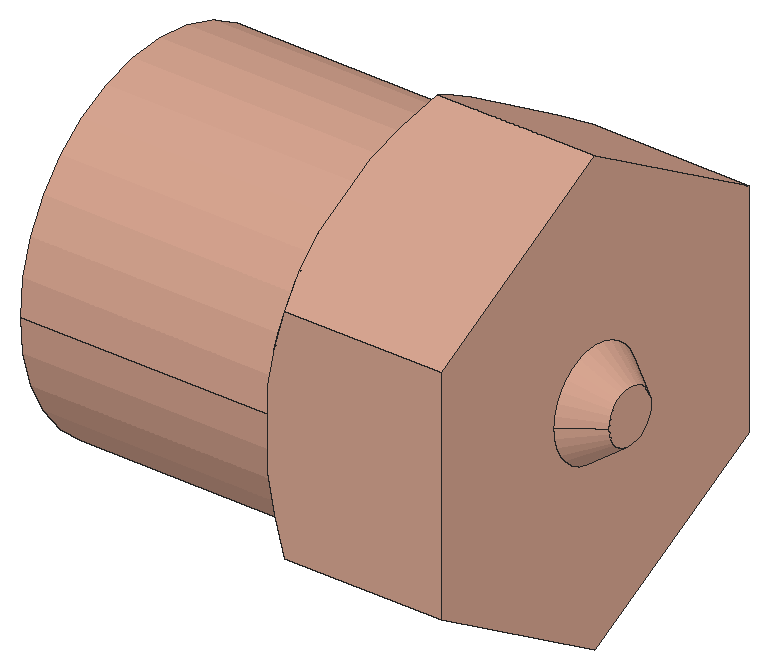
Revit family "Переход для капиллярной трубки", category Соединительные детали трубопроводов, Revit 2018
Family settings
  Размер круглого соединителя = Использовать диаметр
  Тип детали = Переход
  На основе рабочей плоскости = Нет
  Всегда вертикально = Да
  При загрузке вырезать с полостями = Нет
  Общий = Нет
Parameters (values of type "3мм-15мм")
  m = e / 2  # 12.702 mm
  e = 2 * S / 3 ^ (1 / 2)  # 25.403 mm
  Table = "Переход (капиллярная трубка)"  # constant formula
  S = size_lookup(Table, "S", 25 mm, DN1)  # 22 mm
  G = size_lookup(Table, "G", 25 mm, DN1)  # 20 mm
  DN2 = size_lookup(Table, "DN2", 25 mm, DN1)  # 3 mm
  DN1 = 15 mm
Types (2, lengths in mm): name | m | e | S | G | DN1
  3мм-8мм | 8.083 | 16.166 | 14 | 13 | 8
  3мм-15мм | 12.702 | 25.403 | 22 | 20 | 15
Reference planes
  plane 1 "По центру (Вперед/Назад)": y = 0
  plane 2: z = 0
  plane 3 "По центру (Влево/Вправо)": x = 0
  plane 4: y = -11
  plane 5: y = 11
  plane 6: z = -12.702
  plane 7: z = 12.702
  plane 8: z = 6.351
  plane 9: z = -6.351
  plane 10: x = -15
  plane 11: x = 10
  plane 12: x = 12
Forms (mm)
  Extrusion 1, solid, material "Металл - Медь"
    sketch origin (0, 0, 0) x (0, 1, 0) y (0, 0, 1)
      loop
        circle (0, 0) r 10
    from -15 to 0
  Extrusion 2, solid, material "Металл - Медь"
    sketch origin (0, 0, 0) x (0, 1, 0) y (0, 0, 1)
      loop
        line (11, 6.351) -> (0, 12.702) -> (-11, 6.351) -> (-11, -6.351) -> (0, -12.702) -> (11, -6.351) -> (11, 6.351)
    from 0 to 10
  Revolve 3, void
    sketch origin (0, 0, 0) x (1, 0, 0) y (0, 0, 1)
      loop
        line (0, 12.702) -> (0, 11.219) -> (1, 12.702) -> (0, 12.702)
      axis (0, 0) -> (1, 0)
    angle from 0 to 360
  Blend 4, solid, material "Металл - Медь"
    base sketch origin (0, 0, 0) x (0, 1, 0) y (0, 0, 1)
      loop
        circle (0, 0) r 3
    top sketch origin (0, 0, 0) x (0, 1, 0) y (0, 0, 1)
      loop
        circle (0, 0) r 1.5
    from 10 to 12
Cuts and joins
  Revolve 3 cuts Extrusion 2
Dimensions and locks
  equal spacing: plane 9, plane 2, plane 8
  "m": plane 9 to plane 8
  equal spacing: plane 6, plane 2, plane 7
  "e": plane 6 to plane 7
  equal spacing: plane 4, plane 1 "По центру (Вперед/Назад)", plane 5
  "S": plane 4 to plane 5
  plane 3 "По центру (Влево/Вправо)" to plane 10 = 15 mm
  plane 11 to plane 3 "По центру (Влево/Вправо)" = 10 mm
  plane 7 to Revolve 3 sketch curve = 1.483 mm
  plane 12 to plane 11 = 2 mm
  "G": diameter of Extrusion 1 sketch curve
  aligned and locked: level to plane 2
  aligned and locked: Extrusion 2 sketch curve to plane 5
  aligned and locked: plane 4 to Extrusion 2 sketch curve
  aligned and locked: plane 7 to Extrusion 2 sketch curve
  aligned and locked: plane 6 to Extrusion 2 sketch curve
  aligned and locked: plane 9 to Extrusion 2 sketch curve  (x2)
  aligned and locked: plane 8 to Extrusion 2 sketch curve  (x2)
  aligned and locked: Extrusion 1 to plane 10
  aligned and locked: plane 3 "По центру (Влево/Вправо)" to Extrusion 1
  aligned and locked: Extrusion 2 to plane 3 "По центру (Влево/Вправо)"
  aligned and locked: plane 11 to Extrusion 2
  aligned and locked: plane 7 to Revolve 3 sketch curve
  aligned and locked: Blend 4 to plane 11
  aligned and locked: plane 12 to Blend 4
Automatic sketch dimensions
  Extrusion 2 sketch curve to plane 1 "По центру (Вперед/Назад)" = 0 mm  (x2)
  Revolve 3 sketch curve to plane 3 "По центру (Влево/Вправо)" = 0 mm
  Revolve 3 sketch curve to level = 0 mm
  plane 3 "По центру (Влево/Вправо)" to Revolve 3 sketch curve = 1 mm
  plane 3 "По центру (Влево/Вправо)" to Revolve 3 sketch curve = 5 mm
  Revolve 3 sketch curve to Revolve 3 sketch curve = 2.399 mm
  Blend 4 sketch curve to level = 0 mm  (x2)
  Blend 4 sketch curve to plane 1 "По центру (Вперед/Назад)" = 0 mm  (x2)
  Extrusion 1 sketch curve to level = 0 mm
  Extrusion 1 sketch curve to plane 1 "По центру (Вперед/Назад)" = 0 mm
  radius of Blend 4 sketch curve = 3 mm
  radius of Blend 4 sketch curve = 1.5 mm
Connectors
  piping at (12, 0, 0), diameter 3, driven by "DN2"
    settings: on Blend 4, index 2, connector inside diameter 609.6 mm, connector length 0 mm, flow factor 0, pipe flow 0.0 L/s, pressure drop 0.0 Pa, fitting loss kfactor 0, connector angle 0.00°, fixture units 0, engagement length 0 mm, angle of deflection 0.00°, flow configuration 0, flow direction 0, fitting loss method 0, system type 28, joint type 0, gender type 0, connector reference index -1, connector utility 0, adjustable connector no, is connector primary no, connector description ""
  piping at (0, 0, 0), diameter 15, driven by "DN1"
    settings: on Extrusion 1, index 3, connector inside diameter 609.6 mm, connector length 0 mm, flow factor 0, pipe flow 0.0 L/s, pressure drop 0.0 Pa, fitting loss kfactor 0, connector angle 0.00°, fixture units 0, engagement length 0 mm, angle of deflection 0.00°, flow configuration 0, flow direction 0, fitting loss method 0, system type 28, joint type 0, gender type 0, connector reference index -1, connector utility 0, adjustable connector no, is connector primary yes, connector description ""
